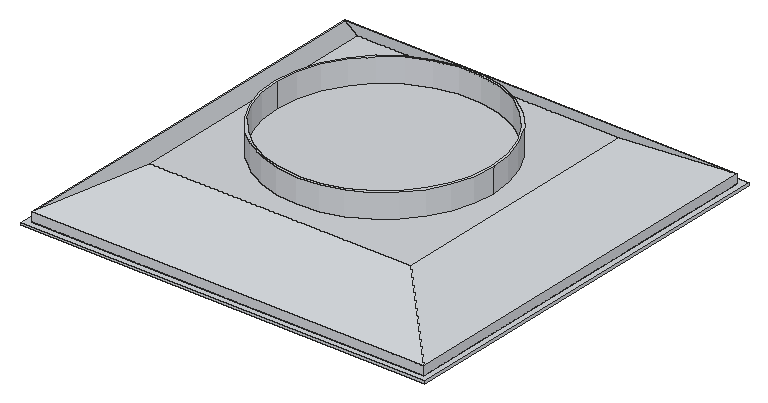
Revit family "PCR", category Air Terminals, Revit 2012
Parameters (values of type "PCI-R-06-24")
  calibre = 1/8"
  URL = "http://www.innes.com.mx"
  RadioI = Radio - 1" / 8  # 6 5/16"
  Radio = A / 2  # 6 7/16"
  Plato = 23 3/4"
  Model = ""
  Minima velocidad de cuello = 300 FPM
  Minima presión estática = 0.03 in-wg
  Máxima velocidad de cuello = 1400 FPM
  Máxima presión estática = 0.267 in-wg
  Máximo nivel de ruido (NC) = "38"
  Min Flow = 0 CFM
  Max Flow = 0 CFM
  Material malla = "Aluminio/Fierro"
  Manufacturer = "INNES"
  Cuello redondo = yes
  Cuello cuadrado = no
  Cuello = "Redondo"
  AI = A - (2" / 8)  # 12 5/8"
  A = 12 7/8"
Reference planes (in)
  plane 1 "Center (Front/Back)": y = 0
  plane 2: z = 0
  plane 3 "Center (Left/Right)": x = 0
  plane 4: y = 11.875
  plane 5: y = -11.875
  plane 6: x = -11.875
  plane 7: x = 11.875
  plane 8: y = 11.5
  plane 9: x = -11.5
  plane 10: x = 11.5
  plane 11: y = -11.5
  plane 12: z = 0.65625
  plane 13 "blend": z = 0.65625
  plane 14: x = -7.65625
  plane 15: x = 7.65625
  plane 16: y = 7.65625
  plane 17: y = -7.65625
  plane 18 "BASE CUELLO": z = 2.875
  plane 19: x = -6.4375
  plane 20: x = 6.4375
  plane 21: y = 6.4375
  plane 22: y = -6.4375
  plane 23: x = -6.3125
  plane 24: x = 6.3125
  plane 25: y = 6.3125
  plane 26: y = -6.3125
Forms (in)
  Blend 1, solid
    base sketch origin (0, 0, 0.65625) x (-1, 0, 0) y (0, -1, 0)
      loop
        line (11.5, -11.5) -> (11.5, 11.5) -> (-11.5, 11.5) -> (-11.5, -11.5) -> (11.5, -11.5)
    top sketch origin (0, 0, 0.65625) x (-1, 0, 0) y (0, -1, 0)
      loop
        line (7.65625, -7.65625) -> (7.65625, 7.65625) -> (-7.65625, 7.65625) -> (-7.65625, -7.65625) -> (7.65625, -7.65625)
    from 0 to 2.21875
  Extrusion 2, solid, visible <- "Cuello cuadrado"
    sketch origin (0, 0, 2.875) x (-1, 0, 0) y (0, -1, 0)
      loop
        line (6.4375, -6.4375) -> (6.4375, 6.4375) -> (-6.4375, 6.4375) -> (-6.4375, -6.4375) -> (6.4375, -6.4375)
    from 0 to 2.03125
  Extrusion 3, void
    sketch origin (0, 0, 2.875) x (-1, 0, 0) y (0, -1, 0)
      loop
        line (6.3125, -6.3125) -> (6.3125, 6.3125) -> (-6.3125, 6.3125) -> (-6.3125, -6.3125) -> (6.3125, -6.3125)
    from 0 to 2.03125
  Extrusion 4, solid, visible <- "Cuello redondo"
    sketch origin (0, 0, 2.875) x (-1, 0, 0) y (0, -1, 0)
      loop
        circle (0, 0) r 6.4375
    from 0 to 1.40625
  Extrusion 5, void
    sketch origin (0, 0, 2.875) x (-1, 0, 0) y (0, -1, 0)
      loop
        circle (0, 0) r 6.3125
    from 0 to 1.40625
  Extrusion 6, solid
    sketch origin (0, 0, 0) x (1, 0, 0) y (0, 1, 0)
      loop
        line (-11.875, 11.875) -> (-11.875, -11.875) -> (11.875, -11.875) -> (11.875, 11.875) -> (-11.875, 11.875)
      loop
        line (-11.5, 11.5) -> (-11.5, -11.5) -> (11.5, -11.5) -> (11.5, 11.5) -> (-11.5, 11.5)
    from 0.12926 to 0
  Extrusion 7, solid, material "Default"
    sketch origin (0, 0, 0) x (1, 0, 0) y (0, 1, 0)
      loop
        line (-11.5, 11.5) -> (-11.5, -11.5) -> (11.5, -11.5) -> (11.5, 11.5) -> (-11.5, 11.5)
    from 0 to 0.12926
  Extrusion 8, solid
    sketch origin (0, 0, 0) x (1, 0, 0) y (0, 1, 0)
      loop
        line (-11.5, 11.5) -> (-11.5, -11.5) -> (11.5, -11.5) -> (11.5, 11.5) -> (-11.5, 11.5)
    from 0.12926 to 0.65625
Cuts and joins
  Extrusion 3 cuts Extrusion 2
  Extrusion 5 cuts Extrusion 4
Dimensions and locks (in)
  equal spacing: plane 4, plane 1 "Center (Front/Back)", plane 5
  equal spacing: plane 6, plane 3 "Center (Left/Right)", plane 7
  "Plato": plane 6 to plane 7
  "Plato": plane 4 to plane 5
  equal spacing: plane 9, plane 3 "Center (Left/Right)", plane 10
  equal spacing: plane 14, plane 3 "Center (Left/Right)", plane 15
  equal spacing: plane 16, plane 1 "Center (Front/Back)", plane 17
  equal spacing: plane 21, plane 1 "Center (Front/Back)", plane 22
  "A": plane 21 to plane 22
  equal spacing: plane 19, plane 3 "Center (Left/Right)", plane 20
  "A": plane 19 to plane 20
  "AI": plane 25 to plane 26
  equal spacing: plane 25, plane 1 "Center (Front/Back)", plane 26
  equal spacing: plane 23, plane 3 "Center (Left/Right)", plane 24
  "AI": plane 23 to plane 24
  "Radio": plane 1 "Center (Front/Back)" to plane 22
  locked: cut or joined group of Extrusion 2, Extrusion 3 to level at 4.90625
  locked: plane 18 "BASE CUELLO" to level at 2.875
  locked: cut or joined group of Extrusion 2, Extrusion 3 to plane 18 "BASE CUELLO" at 2.03125
  locked: plane 13 "blend" to level at 0.65625
  plane 14 to plane 15 = 15 5/16"
  plane 16 to plane 17 = 15 5/16"
  "Radio": radius of Extrusion 4 sketch curve
  "RadioI": radius of Extrusion 5 sketch curve
  aligned and locked: plane 2 to level
  aligned and locked: Extrusion 2 to plane 20
  aligned and locked: plane 19 to Extrusion 2
  aligned and locked: Extrusion 3 sketch curve to plane 25
  aligned and locked: Extrusion 3 sketch curve to plane 23
  aligned and locked: Extrusion 3 sketch curve to plane 26
  aligned and locked: Extrusion 3 sketch curve to plane 24
  aligned and locked: Extrusion 2 to Extrusion 3
  aligned and locked: Extrusion 6 sketch curve to plane 4
  aligned and locked: plane 6 to Extrusion 6 sketch curve
  aligned and locked: plane 5 to Extrusion 6 sketch curve
  aligned and locked: Extrusion 6 sketch curve to plane 7
  aligned and locked: Extrusion 6 sketch curve to Blend 1  (x4)
  aligned and locked: Extrusion 6 to plane 6
  aligned and locked: plane 7 to Extrusion 6
  aligned and locked: plane 4 to Extrusion 6
  aligned and locked: Extrusion 6 to plane 5
  aligned and locked: Extrusion 2 to Blend 1
  aligned and locked: Extrusion 3 to Blend 1
  aligned and locked: plane 18 "BASE CUELLO" to Blend 1
  aligned and locked: Blend 1 sketch curve to plane 16
  aligned and locked: plane 17 to Blend 1 sketch curve
  aligned and locked: Blend 1 sketch curve to plane 15
  aligned and locked: plane 14 to Blend 1 sketch curve
  aligned and locked: Extrusion 7 sketch curve to Blend 1  (x4)
  aligned and locked: Extrusion 6 to level
  aligned and locked: Extrusion 7 to level
  aligned and locked: Extrusion 8 sketch curve to Blend 1  (x4)
  aligned and locked: plane 12 to Extrusion 8
  aligned and locked: Extrusion 8 to Extrusion 6
Automatic sketch dimensions
  plane 8 to Blend 1 sketch curve = 0"
  Blend 1 sketch curve to plane 10 = 0"
  Blend 1 sketch curve to plane 9 = 0"
  Blend 1 sketch curve to plane 11 = 0"
  Extrusion 2 sketch curve to plane 20 = 0"
  plane 19 to Extrusion 2 sketch curve = 0"
  Extrusion 2 sketch curve to plane 21 = 0"
  Extrusion 2 sketch curve to plane 22 = 0"
  plane 1 "Center (Front/Back)" to Extrusion 4 sketch curve = 0"
  plane 3 "Center (Left/Right)" to Extrusion 4 sketch curve = 0"
  plane 1 "Center (Front/Back)" to Extrusion 5 sketch curve = 0"
  plane 3 "Center (Left/Right)" to Extrusion 5 sketch curve = 0"
Connectors (in)
  hvac at (0, 0, 4.90625), driven by "A", driven by "A"
    settings: on cut or joined group of Extrusion 2, Extrusion 3, index 1, duct flow 0 CFM, flow factor 0, pres drop 0.00 in-wg, loss coef 0, conn angle 0.00°, conn width 12 7/8", conn height 12 7/8", conn radius 12", duct sys type 1, conn prof type 1, flow config 0, flow direction 0, loss method 0, conn ref index -1, conn util no, is conn primary yes, conn desc ""
  piping at (0, 0, 4.28125), driven by "Radio"
    settings: on cut or joined group of Extrusion 4, Extrusion 5, index 2, connector radius 6 7/16", flow factor 0, pipe flow 0 GPM, pressure drop 0.00 psi, fitting loss kfactor 0, connector angle 0.00°, fixture units 0, engagement length 0", flow configuration 0, flow direction 0, fitting loss method 0, system type 19, joint type 0, gender type 0, connector reference index -1, connector utility 0, adjustable connector no, is connector primary yes, fitting loss table "", connector description ""
Types in the file's own list only (12): name | RadioI | Radio | Minima velocidad de cuello | Minima presión estática | Máxima velocidad de cuello | Máxima presión estática | Máximo nivel de ruido (NC) | Min Flow | Max Flow | Cuello redondo | Cuello cuadrado | Cuello | AI | A
  PCR-R-06-24 | 2 7/8" | 3" | 300 FPM | 0.02 in-wg | 1400 FPM | 0.52 in-wg | "39" | 58 CFM | 274 CFM | Yes | No | "Redondo" | 5 3/4" | 6"
  PCR-R-08-24 | 3 7/8" | 4" | 300 FPM | 0.02 in-wg | 1400 FPM | 0.52 in-wg | "42" | 105 CFM | 490 CFM | Yes | No | "Redondo" | 7 3/4" | 8"
  PCR-R-10-24 | 4 7/8" | 5" | 300 FPM | 0.02 in-wg | 1400 FPM | 0.52 in-wg | "44" | 165 CFM | 766 CFM | Yes | No | "Redondo" | 9 3/4" | 10"
  PCR-R-12-24 | 5 7/8" | 6" | 300 FPM | 0.02 in-wg | 1400 FPM | 0.52 in-wg | "46" | 236 CFM | 1100 CFM | Yes | No | "Redondo" | 11 3/4" | 12"
  PCR-R-14-24 | 6 7/8" | 7" | 300 FPM | 0.02 in-wg | 1400 FPM | 0.52 in-wg | "49" | 320 CFM | 1498 CFM | Yes | No | "Redondo" | 13 3/4" | 14"
  PCR-R-16-24 | 7 7/8" | 8" | 300 FPM | 0.02 in-wg | 1400 FPM | 0.52 in-wg | "51" | 418 CFM | 1956 CFM | Yes | No | "Redondo" | 15 3/4" | 16"
  PCR-C-06-24 | 2 7/8" | 3" | 300 FPM | 0.02 in-wg | 1400 FPM | 0.52 in-wg | "39" | 58 CFM | 274 CFM | No | Yes | "Cuadrado" | 5 3/4" | 6"
  PCR-C-08-24 | 3 7/8" | 4" | 300 FPM | 0.02 in-wg | 1400 FPM | 0.52 in-wg | "42" | 105 CFM | 490 CFM | No | Yes | "Cuadrado" | 7 3/4" | 8"
  PCR-C-10-24 | 4 7/8" | 5" | 300 FPM | 0.02 in-wg | 1400 FPM | 0.52 in-wg | "44" | 165 CFM | 766 CFM | No | Yes | "Cuadrado" | 9 3/4" | 10"
  PCR-C-12-24 | 5 7/8" | 6" | 300 FPM | 0.02 in-wg | 1400 FPM | 0.52 in-wg | "46" | 236 CFM | 1100 CFM | No | Yes | "Cuadrado" | 11 3/4" | 12"
  PCR-C-14-24 | 6 7/8" | 7" | 300 FPM | 0.02 in-wg | 1400 FPM | 0.52 in-wg | "49" | 320 CFM | 1498 CFM | No | Yes | "Cuadrado" | 13 3/4" | 14"
  PCR-C-15-24 | 7 3/8" | 7 1/2" | 0 FPM | 0.02 in-wg | 0 FPM | 0.52 in-wg | "0" | 0 CFM | 0 CFM | No | Yes | "Cuadrado" | 14 3/4" | 15"
